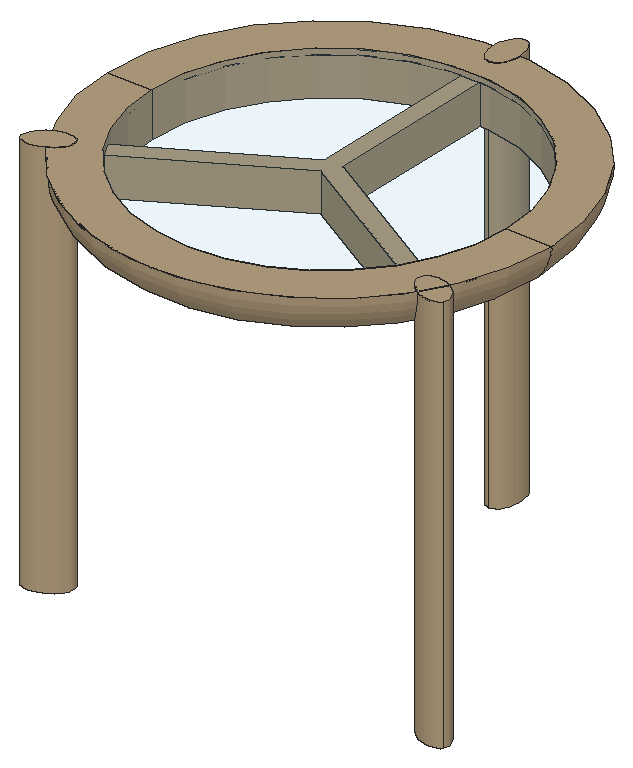
Revit family "Spoke_Occasional_Tables_BIM", category Arredi, Revit 2023
Family settings
  Numero OmniClass = 23.40.20.00
  Titolo OmniClass = General Furniture and Specialties
  Basato su piano di lavoro = No
  Attiva taglio nelle viste = No
  Sempre verticale = Sì
  Taglio con vuoti quando caricato = No
  Origine composizione di rendering = Geometria famiglia
  Condiviso = No
  Punto di calcolo locali = No
Parameters (values of type "CB-321")
  URL = "https://bassamfellows.com/"
  UPHOLSTERY MATERIAL = BASSAM_FELLOWS_COMFORT_LEATHER_43632_CAMEL
  TECHNICAL SHEET = "https://bassamfellows.com/collections/spoke-table"
  SMALL = yes
  RADIUS = DIAMETER / 2  # 250 mm
  PRODUCT SHEET = "https://www.archiproducts.com/it/prodotti/bassamfellows/tavolino-rotondo-in-legno-e-vetro-spoke-tavolino_448121"
  PRODUCT CODE = "CB-321"
  Modello = "Spoke Side Table"
  Produttore = "BassamFellows"
  MATERIAL DESCRIPTION = "Sliced solid wood, custom laminated, bent and carved. Low iron glass inset top."  # constant formula
  LARGE = no
  HEIGHT = 450 mm
  Descrizione = "Round solid wood and glass coffee table\r\n\r\nRound solid wood and glass coffee table\r\n\r\nRound solid wood and glass coffee table\r\n\r\nRound solid wood and glass coffee table\r\n\r\nDesign ye"
  Prospetto di default = 0 mm
  DIAMETER = 500 mm
  COLLECTION = "Spoke"
  BIM USER MANUAL = "https://bimcad.edilportale.com/BASSAMFELLOWS-BIM-USER-MANUAL-BassamFellows-bim.pdf"
  BIM BADGE = "https://bim.archiproducts.com/it/badge/bim-archiproducts-featured_658700/about"
  BIM AUTHOR = "https://bim.archiproducts.com/"
  BASE MATERIAL = BASSAM_FELLOWS_OAK_O-NA
  AVAILABLE FINISHES = "Ebonized black lacquer on Ash (EB) or bleached, white pigment, matte acrylic on Ash (BL). Raw effect lacquer on Oak (RE). Hand rubbed natural oil on Oak or Walnut (NA), or hand rubbed black oil on Walnut (BO)."  # constant formula
  AVAILABLE DIMENSIONS = ""
  AVAILABLE COLORS = ""
  ACCESSORIES = ""
Types (2, lengths in mm): name | SMALL | RADIUS | PRODUCT CODE | Modello | LARGE | HEIGHT | Descrizione | DIAMETER
  CB-321 | yes | 250 | "CB-321" | "Spoke Side Table" | no | 450 | "Round solid wood and glass coffee table\r\n\r\nRound solid wood and glass coffee table\r\n\r\nRound solid wood and glass coffee table\r\n\r\nRound solid wood and glass coffee table\r\n\r\nDesign ye" | 500
  CB-322 | no | 450 | "CB-322" | "Spoke Coffee Table" | yes | 400 | "Round solid wood and glass coffee table" | 900
Reference planes
  plane 1 "Center (Front/Back)": y = 0
  plane 2: z = 0
  plane 3 "Center (Left/Right)": x = 0
  plane 4 "TOP": z = 450
Forms (mm)
  Extrusion 1, solid, material "Glass", detail levels fine
    sketch origin (0, 0, 450) x (-1, 0, 0) y (0, -1, 0)
      loop
        circle (0, 0) r 200
    from 0 to -6.313
  Revolve 2, solid, material "BASSAM_FELLOWS_OAK_O-NA" <- "BASE MATERIAL", detail levels fine
    sketch origin (0, 0, 0) x (1, 0, 0) y (0, 0, 1)
      loop
        line (-200, 450) -> (-250, 450)
        arc (-250, 450) -> (-235.355, 414.645) -> (-200, 400) r 50
        line (-200, 400) -> (-200, 450)
      axis (0, 450) -> (0, 400)
    angle from 0 to 360
  Extrusion 3, solid, visible <- "LARGE", detail levels medium
    sketch origin (0, 0, 0) x (1, 0, 0) y (0, 1, 0)
      loop
        circle (0, 0) r 450
    from 0 to 450
  Extrusion 4, solid, material "BASSAM_FELLOWS_OAK_O-NA" <- "BASE MATERIAL", visible <- "SMALL", detail levels fine
    sketch origin (0, 0, 450) x (-1, 0, 0) y (0, -1, 0)
      loop
        line (10, -5.774) -> (178.598, 91.567)
        arc (178.598, 91.567) -> (173.861, 100.38) -> (168.539, 108.853) r 147.953
        line (168.539, 108.853) -> (0, 11.547) -> (-167.988, 108.535)
        arc (-167.988, 108.535) -> (-173.205, 100) -> (-177.988, 91.215) r 200
        line (-177.988, 91.215) -> (-10, -5.774) -> (-10, -200.091)
        arc (-10, -200.091) -> (0, -200.417) -> (10, -200.065) r 147.953
        line (10, -200.065) -> (10, -5.774)
    from -6.313 to -50
  Extrusion 5, solid, material "BASSAM_FELLOWS_OAK_O-NA" <- "BASE MATERIAL", visible <- "SMALL", detail levels fine
    sketch origin (0, 0, 0) x (1, 0, 0) y (0, 1, 0)
      loop
        spline (195.228, -111.856) -> (194.025, -115.645) -> (194.379, -120.026) -> (196.266, -124.703) -> (199.558, -129.356) -> (204.031, -133.669) -> (209.379, -137.347) -> (215.238, -140.139) -> (221.209, -141.856) -> (226.885, -142.381) -> (231.879, -141.677) -> (235.851, -139.793) -> (238.53, -136.856)
        spline (238.53, -136.856) -> (239.733, -133.068) -> (239.379, -128.687) -> (237.492, -124.01) -> (234.199, -119.356) -> (229.727, -115.044) -> (224.379, -111.366) -> (218.52, -108.573) -> (212.549, -106.856) -> (206.873, -106.332) -> (201.879, -107.036) -> (197.907, -108.92) -> (195.228, -111.856)
      loop
        spline (-194.485, -113.144) -> (-197.164, -110.208) -> (-201.135, -108.324) -> (-206.129, -107.62) -> (-211.805, -108.144) -> (-217.776, -109.862) -> (-223.635, -112.654) -> (-228.983, -116.332) -> (-233.456, -120.644) -> (-236.748, -125.298) -> (-238.635, -129.975) -> (-238.989, -134.356) -> (-237.786, -138.144)
        spline (-237.786, -138.144) -> (-235.107, -141.081) -> (-231.135, -142.965) -> (-226.141, -143.669) -> (-220.465, -143.144) -> (-214.494, -141.427) -> (-208.635, -138.635) -> (-203.287, -134.957) -> (-198.815, -130.644) -> (-195.523, -125.991) -> (-193.635, -121.314) -> (-193.281, -116.933) -> (-194.485, -113.144)
      loop
        spline (-0.135, 225.002) -> (3.749, 225.843) -> (7.374, 228.331) -> (10.491, 232.296) -> (12.889, 237.467) -> (14.404, 243.492) -> (14.932, 249.961) -> (14.439, 256.433) -> (12.957, 262.467) -> (10.587, 267.651) -> (7.491, 271.632) -> (3.88, 274.14) -> (0, 275.002)
        spline (0, 275.002) -> (-3.885, 274.161) -> (-7.509, 271.673) -> (-10.626, 267.708) -> (-13.024, 262.537) -> (-14.539, 256.512) -> (-15.068, 250.043) -> (-14.574, 243.571) -> (-13.092, 237.537) -> (-10.722, 232.353) -> (-7.626, 228.372) -> (-4.015, 225.864) -> (-0.135, 225.002)
    from 0 to 450
  Extrusion 6, solid, visible <- "SMALL", detail levels medium
    sketch origin (0, 0, 0) x (1, 0, 0) y (0, 1, 0)
      loop
        circle (0, 0) r 250
    from 0 to 450
  Extrusion 7, solid, material "BASSAM_FELLOWS_OAK_O-NA" <- "BASE MATERIAL", visible <- "LARGE", detail levels fine
    sketch origin (0.679, -0.707, 450) x (-1, 0, 0) y (0, -1, 0)
      loop
        line (10, -5.774) -> (351.525, 191.406)
        arc (351.525, 191.406) -> (346.613, 200.117) -> (341.484, 208.703) r 400
        line (341.484, 208.703) -> (0, 11.547) -> (-340.48, 208.123)
        arc (-340.48, 208.123) -> (-345.595, 199.529) -> (-350.492, 190.81) r 400
        line (-350.492, 190.81) -> (-10, -5.774) -> (-10, -400.564)
        arc (-10, -400.564) -> (0, -400.706) -> (10, -400.598) r 400
        line (10, -400.598) -> (10, -5.774)
    from -6.313 to -50
  Extrusion 8, solid, material "BASSAM_FELLOWS_OAK_O-NA" <- "BASE MATERIAL", visible <- "LARGE", detail levels fine
    sketch origin (0.679, -0.707, 0) x (1, 0, 0) y (0, 1, 0)
      loop
        spline (369.006, -208.183) -> (367.802, -211.971) -> (368.156, -216.353) -> (370.044, -221.03) -> (373.336, -225.683) -> (377.808, -229.995) -> (383.156, -233.673) -> (389.015, -236.466) -> (394.986, -238.183) -> (400.662, -238.707) -> (405.656, -238.003) -> (409.628, -236.119) -> (412.307, -233.183)
        spline (412.307, -233.183) -> (413.51, -229.395) -> (413.156, -225.013) -> (411.269, -220.336) -> (407.977, -215.683) -> (403.504, -211.37) -> (398.156, -207.692) -> (392.297, -204.9) -> (386.326, -203.183) -> (380.65, -202.658) -> (375.656, -203.362) -> (371.685, -205.247) -> (369.006, -208.183)
      loop
        spline (-366.333, -220.095) -> (-369.012, -217.159) -> (-372.984, -215.274) -> (-377.978, -214.57) -> (-383.654, -215.095) -> (-389.625, -216.812) -> (-395.484, -219.604) -> (-400.832, -223.282) -> (-405.304, -227.595) -> (-408.596, -232.248) -> (-410.484, -236.925) -> (-410.838, -241.307) -> (-409.634, -245.095)
        spline (-409.634, -245.095) -> (-406.955, -248.031) -> (-402.984, -249.915) -> (-397.99, -250.619) -> (-392.314, -250.095) -> (-386.343, -248.378) -> (-380.484, -245.585) -> (-375.136, -241.907) -> (-370.663, -237.595) -> (-367.371, -232.942) -> (-365.484, -228.265) -> (-365.13, -223.883) -> (-366.333, -220.095)
      loop
        spline (-0.135, 420.002) -> (3.749, 420.843) -> (7.374, 423.331) -> (10.491, 427.296) -> (12.889, 432.467) -> (14.404, 438.492) -> (14.932, 444.961) -> (14.439, 451.433) -> (12.957, 457.467) -> (10.587, 462.651) -> (7.491, 466.632) -> (3.88, 469.14) -> (0, 470.002)
        spline (0, 470.002) -> (-3.885, 469.161) -> (-7.509, 466.673) -> (-10.626, 462.708) -> (-13.024, 457.537) -> (-14.539, 451.512) -> (-15.068, 445.043) -> (-14.574, 438.571) -> (-13.092, 432.537) -> (-10.722, 427.353) -> (-7.626, 423.372) -> (-4.015, 420.864) -> (-0.135, 420.002)
    from 0 to 400
Lines and regions (mm)
  symbolic lines, detail levels coarse
    curve 1: line (0, 406, 510.871) -> (0, -406, 510.871)
    curve 2: line (0, 406, 150) -> (0, 406, 510.871)
    curve 3: line (0, -406, 150) -> (0, 406, 150)
    curve 4: line (0, -406, 510.871) -> (0, -406, 150)
    curve 5: line (0, 279.125, 150) -> (0, 279.125, 0)
    curve 6: line (0, 279.125, 0) -> (0, -279.253, 0)
    curve 7: line (0, -279.253, 0) -> (0, -279.253, 150)
    curve 8: circle (0, 0, 450) r 450 normal (0, 0, 1)
  symbolic lines, visible <- "SMALL", detail levels coarse
    curve 9: circle (0, 0, 450) r 250 normal (0, 0, 1)
Dimensions and locks
  "HEIGHT": plane 4 "TOP" to plane 2
  "RADIUS": Revolve 2 sketch curve to Revolve 2 sketch curve
  aligned and locked: level to plane 2
  aligned and locked: Extrusion 1 sketch curve to Revolve 2  (x2)
  aligned and locked: plane 4 "TOP" to Extrusion 3
  aligned and locked: plane 4 "TOP" to Extrusion 6
  aligned and locked: plane 4 "TOP" to Extrusion 5
Automatic sketch dimensions
  curve 6 to level = 0 mm
  plane 4 "TOP" to curve 1 = 60.871 mm
  plane 1 "Center (Front/Back)" to curve 1 = 406 mm
  curve 3 to curve 6 = 126.747 mm
  curve 5 to plane 1 "Center (Front/Back)" = 279.125 mm
  curve 2 to plane 1 "Center (Front/Back)" = 406 mm
  level to curve 3 = 150 mm
  plane 1 "Center (Front/Back)" to Extrusion 3 sketch curve = 0 mm
  Extrusion 3 sketch curve to plane 3 "Center (Left/Right)" = 0 mm
  Extrusion 4 sketch curve to plane 3 "Center (Left/Right)" = 0 mm  (x2)
  plane 3 "Center (Left/Right)" to Extrusion 4 sketch curve = 10 mm
  plane 1 "Center (Front/Back)" to Extrusion 4 sketch curve = 91.215 mm
  plane 1 "Center (Front/Back)" to Extrusion 4 sketch curve = 91.567 mm
  Extrusion 4 sketch curve to Extrusion 4 sketch curve = 10.059 mm
  Extrusion 4 sketch curve to plane 1 "Center (Front/Back)" = 5.774 mm  (x2)
  Extrusion 4 sketch curve to Extrusion 4 sketch curve = 194.292 mm
  Extrusion 4 sketch curve to Extrusion 4 sketch curve = 17.287 mm
  Extrusion 4 sketch curve to Extrusion 4 sketch curve = 17.321 mm
  Extrusion 4 sketch curve to Extrusion 4 sketch curve = 0.026 mm
  Extrusion 4 sketch curve to Extrusion 4 sketch curve = 46.172 mm
  Extrusion 4 sketch curve to Extrusion 4 sketch curve = 78.433 mm
  Extrusion 4 sketch curve to plane 1 "Center (Front/Back)" = 52.463 mm
  plane 3 "Center (Left/Right)" to Extrusion 4 sketch curve = 0.191 mm
  Extrusion 4 sketch curve to Extrusion 4 sketch curve = 64.01 mm
  plane 1 "Center (Front/Back)" to Extrusion 6 sketch curve = 0 mm
  Extrusion 6 sketch curve to plane 3 "Center (Left/Right)" = 0 mm
  curve 8 to curve 9 = 0 mm  (x2)
  plane 1 "Center (Front/Back)" to curve 9 = 0 mm
  curve 9 to plane 3 "Center (Left/Right)" = 0 mm
  Extrusion 4 sketch curve to Extrusion 4 sketch curve = 10 mm
  plane 1 "Center (Front/Back)" to Extrusion 4 sketch curve = 0 mm
  Extrusion 5 sketch curve to plane 3 "Center (Left/Right)" = 216.135 mm
  plane 1 "Center (Front/Back)" to Extrusion 5 sketch curve = 125.644 mm
  Extrusion 5 sketch curve to Extrusion 5 sketch curve = 21.651 mm  (x2)
  Extrusion 5 sketch curve to plane 3 "Center (Left/Right)" = 0.135 mm
  Extrusion 5 sketch curve to plane 3 "Center (Left/Right)" = 0.068 mm
  plane 3 "Center (Left/Right)" to Extrusion 5 sketch curve = 195.228 mm
  plane 1 "Center (Front/Back)" to Extrusion 5 sketch curve = 124.356 mm
  Extrusion 5 sketch curve to plane 1 "Center (Front/Back)" = 225.002 mm
  plane 1 "Center (Front/Back)" to Extrusion 7 sketch curve = 191.516 mm
  plane 1 "Center (Front/Back)" to Extrusion 7 sketch curve = 208.83 mm
  Extrusion 7 sketch curve to Extrusion 7 sketch curve = 10.012 mm
  Extrusion 7 sketch curve to plane 1 "Center (Front/Back)" = 5.067 mm  (x2)
  Extrusion 7 sketch curve to Extrusion 7 sketch curve = 340.492 mm
  plane 1 "Center (Front/Back)" to Extrusion 7 sketch curve = 12.254 mm
  Extrusion 7 sketch curve to Extrusion 7 sketch curve = 10 mm
  plane 1 "Center (Front/Back)" to Extrusion 7 sketch curve = 209.409 mm
  plane 1 "Center (Front/Back)" to Extrusion 7 sketch curve = 192.113 mm
  Extrusion 7 sketch curve to Extrusion 7 sketch curve = 10.041 mm
  plane 1 "Center (Front/Back)" to Extrusion 8 sketch curve = 233.301 mm
  Extrusion 8 sketch curve to plane 3 "Center (Left/Right)" = 387.304 mm
  Extrusion 8 sketch curve to Extrusion 8 sketch curve = 21.651 mm  (x2)
  Extrusion 8 sketch curve to Extrusion 8 sketch curve = 366.198 mm
  Extrusion 8 sketch curve to Extrusion 8 sketch curve = 0.068 mm
  Extrusion 8 sketch curve to Extrusion 8 sketch curve = 369.141 mm
  plane 1 "Center (Front/Back)" to Extrusion 8 sketch curve = 221.389 mm
  Extrusion 8 sketch curve to Extrusion 8 sketch curve = 628.185 mm
  Extrusion 7 sketch curve to Extrusion 7 sketch curve = 0.034 mm
  Extrusion 7 sketch curve to plane 3 "Center (Left/Right)" = 9.321 mm
  Extrusion 7 sketch curve to Extrusion 7 sketch curve = 0 mm  (x4)
  Extrusion 7 sketch curve to plane 3 "Center (Left/Right)" = 0 mm
  plane 1 "Center (Front/Back)" to Extrusion 7 sketch curve = 0 mm
  Revolve 2 sketch curve to plane 4 "TOP" = 0 mm
  Revolve 2 sketch curve to plane 3 "Center (Left/Right)" = 0 mm
  Revolve 2 sketch curve to Revolve 2 sketch curve = 50 mm
  Revolve 2 sketch curve to Revolve 2 sketch curve = 0 mm  (x2)
  Revolve 2 sketch curve to level = 440.494 mm
  plane 4 "TOP" to Revolve 2 sketch curve = 1597.414 mm
  radius of Extrusion 3 sketch curve = 450 mm
  radius of Extrusion 6 sketch curve = 250 mm
  radius of curve 8 = 450 mm
  radius of curve 9 = 250 mm
